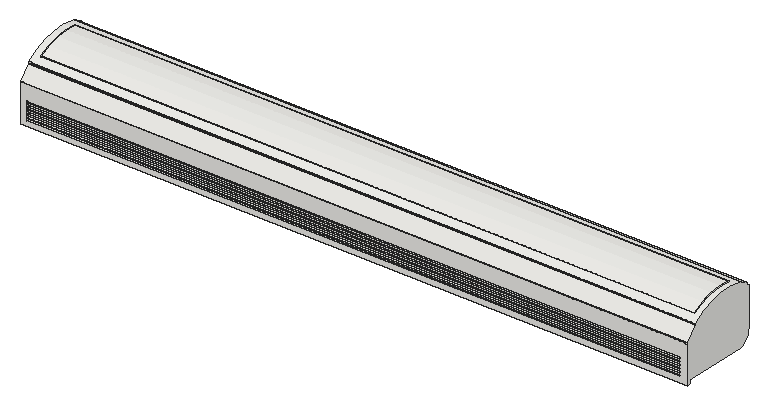
Revit family "FLOWAIR ELiS C-E-200-bílá", category Electrical Fixtures, host Face, Revit 2018
Family settings
  Host = Face
  Maintain Annotation Orientation = No
  Round Connector Dimension = Use Diameter
  Part Type = Normal
  Cut with Voids When Loaded = No
  Shared = No
  Room Calculation Point = No
Parameters (values of type "ELiS C-E-200, 3x400V, 3 rychlost")
  Weight of unit = 25.10 kg
  URL = "www.hydronic.cz"
  Type Comments = "vnitřní instalace, neprašné prostředí; IP21; max dosah 3m na 3 rychlost"
  Second Material = FLOWAIR-PerforatedSteel-White
  Rated current = 18.7 A
  Product code = "14292; bílá, délka 200cm, elektrická"
  Power supply = 400 V
  Power ratio = 1
  Number of phases = 3
  Manufacturer = "Hydronic Systems Prague s.r.o."
  Main Material = FLOWAIR-Steel-White
  Load classification = Other
  Length = 2000.00 mm  # constant formula
  Heating capacity = 13 kW
  Fan = "Single phase motor with diagonal rotor"
  Description = "Dveřní clona"
  Model = "ELiS C-E-200"
  IP = "21"
  Default Elevation = 2200.00 mm
  Author = ""
  Apparent power = if(Power supply = 400 V, 230 V * 3 * Rated current, 230 V * Rated current)  # 12903 VA
Types (6, lengths in mm): name | Rated current | Power supply | Number of phases | Heating capacity | Apparent power
  ELiS C-E-200, 3x400V, 1 rychlost | 18.1 A | 400 V | 3 | 12.5 kW | 12489 VA
  ELiS C-E-200, 3x400V, 2 rychlost | 18.5 A | 400 V | 3 | 12.8 kW | 12765 VA
  ELiS C-E-200, 3x400V, 3 rychlost | 18.7 A | 400 V | 3 | 13 kW | 12903 VA
  ELiS C-E-200, 1x230V, 1 rychlost | 54.3 A | 230 V | 1 | 12.5 kW | 12489 VA
  ELiS C-E-200, 1x230V, 2 rychlost | 55.5 A | 230 V | 1 | 12.8 kW | 12765 VA
  ELiS C-E-200, 1x230V, 3 rychlost | 56.1 A | 230 V | 1 | 13 kW | 12903 VA
Reference planes
  plane 1 "Środek (Przód/Tył)": y = 0
  plane 2: z = 0
  plane 3 "Środek (Lewa/Prawa)": x = 0
Dimensions and locks
  aligned and locked: plane 2 to host face
  aligned and locked: level to host face
  aligned and locked: plane 3 "Środek (Lewa/Prawa)" to nested 1
  aligned and locked: plane 1 "Środek (Przód/Tył)" to nested 1
Nested families
  nested 1: "ELiS C-E" at (0, 0, 0), type "ELiS C-E"
    with długość 2000.00 mm
Connectors
  electrical at (0, 235.182, 54.049), driven by "Power supply", driven by "Apparent power", driven by "Power ratio", driven by "Load classification", driven by "Number of phases"
    settings: on nested 1, index 9, voltage 400 V, apparent load 12903 VA, apparent load phase1 0 VA, apparent load phase2 0 VA, apparent load phase3 0 VA, power factor 1, load classification "Other", number of poles 3, system type 30, power factor state 1, is connector primary yes, connector utility no, sub classification motor no, connector description ""
  electrical at (-59, 235.182, 85.024)
    settings: on nested 1, index 10, voltage 0 V, apparent load 0 VA, apparent load phase1 0 VA, apparent load phase2 0 VA, apparent load phase3 0 VA, power factor 1, load classification "Other", number of poles 1, system type 13, power factor state 1, is connector primary no, connector utility no, sub classification motor no, connector description "TS regulator"
  electrical at (59, 235.182, 85.024)
    settings: on nested 1, index 11, voltage 0 V, apparent load 0 VA, apparent load phase1 0 VA, apparent load phase2 0 VA, apparent load phase3 0 VA, power factor 1, load classification "Other", number of poles 1, system type 13, power factor state 1, is connector primary no, connector utility no, sub classification motor no, connector description "Limit switches"
Definition of nested family "ELiS C-E"
  Parameters
    materiał perforacja = none
    materiał = none
    długość = 1000.00 mm
  Reference planes
    plane 1 "Środek (Przód/Tył)": y = 0
    plane 2: z = 0
    plane 3 "Środek (Lewa/Prawa)": x = 0
    plane 4: x = -500
    plane 5: x = 500
    plane 6: x = -480
    plane 7: x = 480
    plane 8: x = 250
    plane 9: x = -250
  Forms (mm)
    Extrusion 1, solid, material <- "materiał", detail levels medium
      sketch origin (0, 300, 0) x (0, 1, 0) y (0, 0, 1)
        loop
          line (-72.756, 170.564) -> (-81.693, 181.358)
          arc (-81.693, 181.358) -> (-82.051, 181.684) -> (-82.482, 181.903) r 1.8
          line (-82.482, 181.903) -> (-98.157, 187.357)
          arc (-98.157, 187.357) -> (-98.505, 187.566) -> (-98.742, 187.895) r 1
          line (-98.742, 187.895) -> (-99.846, 190.375)
          arc (-99.846, 190.375) -> (-100.355, 191.039) -> (-101.109, 191.402) r 1.8
          arc (-101.109, 191.402) -> (-188.803, 190.806) -> (-267.88, 152.892) r 200.8
          arc (-267.88, 152.892) -> (-268.406, 152.22) -> (-268.563, 151.381) r 1.8
          line (-268.563, 151.381) -> (-268.42, 148.651)
          arc (-268.42, 148.651) -> (-268.477, 148.263) -> (-268.678, 147.927) r 1
          line (-268.678, 147.927) -> (-299.538, 113.654)
          arc (-299.538, 113.654) -> (-299.88, 113.094) -> (-300, 112.449) r 1.8
          line (-300, 112.449) -> (-300, 0) -> (-292.2, 0) -> (-292.2, 13.085) -> (-113.282, 13.085)
          arc (-113.282, 13.085) -> (-84.316, 25.083) -> (-72.318, 54.049) r 40.964
          line (-72.318, 54.049) -> (-72.318, 169.336)
          arc (-72.318, 169.336) -> (-72.431, 169.988) -> (-72.756, 170.564) r 1.943
      from -500 to 500
    Extrusion 2, solid, material <- "materiał", detail levels coarse
      sketch origin (0, 0, 0) x (0, 1, 0) y (0, 0, 1)
        loop
          arc (227.682, 182.867) -> (103.817, 188.954) -> (0, 121.12) r 200.8
          line (0, 121.12) -> (0, 0) -> (227.682, 0) -> (227.682, 182.867)
      from -500 to 500
    Extrusion 3, solid, material <- "materiał", detail levels fine
      sketch origin (0, 0, 0) x (0, 1, 0) y (0, 0, 1)
        loop
          line (227.244, 170.564) -> (218.307, 181.358)
          arc (218.307, 181.358) -> (217.949, 181.684) -> (217.518, 181.903) r 1.8
          line (217.518, 181.903) -> (201.843, 187.357)
          arc (201.843, 187.357) -> (201.495, 187.566) -> (201.258, 187.895) r 1
          line (201.258, 187.895) -> (200.154, 190.375)
          arc (200.154, 190.375) -> (199.645, 191.039) -> (198.891, 191.402) r 1.8
          arc (198.891, 191.402) -> (111.197, 190.806) -> (32.12, 152.892) r 200.8
          arc (32.12, 152.892) -> (31.594, 152.22) -> (31.437, 151.381) r 1.8
          line (31.437, 151.381) -> (31.58, 148.651)
          arc (31.58, 148.651) -> (31.523, 148.263) -> (31.322, 147.927) r 1
          line (31.322, 147.927) -> (0.462, 113.654)
          arc (0.462, 113.654) -> (0.12, 113.094) -> (0, 112.449) r 1.8
          line (0, 112.449) -> (0, 0) -> (7.8, 0) -> (7.8, 13.085) -> (186.718, 13.085)
          arc (186.718, 13.085) -> (215.684, 25.083) -> (227.682, 54.049) r 40.964
          line (227.682, 54.049) -> (227.682, 169.336)
          arc (227.682, 169.336) -> (227.569, 169.988) -> (227.244, 170.564) r 1.943
      from -500 to 500
    Extrusion 4, void
      sketch origin (0, 0, 0) x (0, 1, 0) y (0, 0, 1)
        loop
          line (52, 224.939) -> (52, 114.939) -> (180, 114.939) -> (180, 224.939) -> (52, 224.939)
      from -480 to 480
    Extrusion 5, solid, material <- "materiał perforacja", detail levels fine
      sketch origin (0, 0, 0) x (0, 1, 0) y (0, 0, 1)
        loop
          arc (180, 194.56) -> (113.664, 191.359) -> (52, 166.696) r 200.8
          line (52, 166.696) -> (52, 164.35)
          arc (52, 164.35) -> (113.61, 189.3) -> (180, 192.546) r 198.8
          line (180, 192.546) -> (180, 194.56)
      from -480 to 480
    Extrusion 6, void
      sketch origin (0, 0, 0) x (0, 1, 0) y (0, 0, 1)
        loop
          line (0, 15.085) -> (25, 15.085) -> (25, 70.085) -> (0, 70.085) -> (0, 62.585) -> (15, 62.585) -> (15, 60.585) -> (0, 60.585) -> (0, 53.085) -> (15, 53.085) -> (15, 51.085) -> (0, 51.085) -> (0, 43.585) -> (15, 43.585) -> (15, 41.585) -> (0, 41.585) -> (0, 34.085) -> (15, 34.085) -> (15, 32.085) -> (0, 32.085) -> (0, 24.585) -> (15, 24.585) -> (15, 22.585) -> (0, 22.585) -> (0, 15.085)
      from -480 to 480
    Extrusion 7, solid, material <- "materiał"
      sketch origin (0, 0, 0) x (0, 1, 0) y (0, 0, 1)
        loop
          line (10, 0) -> (172, 0) -> (172, 13.085) -> (10, 13.085) -> (10, 0)
      from -250 to 250
    Extrusion 8, solid, material <- "materiał"
      sketch origin (0, 0, 0) x (0, 1, 0) y (0, 0, 1)
        loop
          line (227.682, 54.049) -> (242.682, 54.049) -> (242.682, 116) -> (227.682, 116) -> (227.682, 54.049)
      from -59 to 59
  Cuts and joins
    Extrusion 4, Extrusion 6 cuts Extrusion 3
  Dimensions and locks
    equal spacing: plane 4, plane 3 "Środek (Lewa/Prawa)", plane 5
    "długość": plane 4 to plane 5
    locked: plane 4 to plane 6 at 20
    locked: plane 7 to plane 5 at 20
    equal spacing: plane 4, plane 9, plane 3 "Środek (Lewa/Prawa)"
    equal spacing: plane 3 "Środek (Lewa/Prawa)", plane 8, plane 5
    aligned and locked: level to plane 2
    aligned and locked: Extrusion 2 to plane 4
    aligned and locked: Extrusion 1 to plane 4
    aligned and locked: Extrusion 2 to plane 5
    aligned and locked: Extrusion 1 to plane 5
    aligned and locked: Extrusion 3 to plane 4
    aligned and locked: Extrusion 3 to plane 5
    aligned and locked: Extrusion 4 to plane 6
    aligned and locked: Extrusion 4 to plane 7
    aligned and locked: Extrusion 5 to plane 6
    aligned and locked: Extrusion 5 to plane 7
    aligned and locked: Extrusion 6 to plane 7
    aligned and locked: Extrusion 6 to plane 6
    aligned and locked: plane 8 to Extrusion 7
    aligned and locked: plane 9 to Extrusion 7
  Automatic sketch dimensions
    Extrusion 1 sketch curve to level = 0.00 mm
    Extrusion 1 sketch curve to plane 1 "Środek (Przód/Tył)" = 0.00 mm
    Extrusion 1 sketch curve to Extrusion 1 sketch curve = 1.80 mm
    Extrusion 1 sketch curve to plane 1 "Środek (Przód/Tył)" = 7.80 mm
    Extrusion 1 sketch curve to plane 1 "Środek (Przód/Tył)" = 30.581 mm
    Extrusion 1 sketch curve to Extrusion 1 sketch curve = 0.742 mm
    Extrusion 1 sketch curve to Extrusion 1 sketch curve = 0.856 mm
    Extrusion 1 sketch curve to Extrusion 1 sketch curve = 1.797 mm
    Extrusion 1 sketch curve to plane 1 "Środek (Przód/Tył)" = 156.375 mm
    Extrusion 1 sketch curve to Extrusion 1 sketch curve = 30.343 mm
    Extrusion 1 sketch curve to Extrusion 1 sketch curve = 165.276 mm
    Extrusion 1 sketch curve to Extrusion 1 sketch curve = 3.662 mm
    Extrusion 1 sketch curve to Extrusion 1 sketch curve = 14.754 mm
    Extrusion 1 sketch curve to Extrusion 1 sketch curve = 1.38 mm
    Extrusion 1 sketch curve to Extrusion 1 sketch curve = 8.812 mm
    Extrusion 1 sketch curve to Extrusion 1 sketch curve = 1.505 mm
    Extrusion 1 sketch curve to Extrusion 1 sketch curve = 40.964 mm
    Extrusion 1 sketch curve to Extrusion 1 sketch curve = 13.085 mm
    Extrusion 1 sketch curve to Extrusion 1 sketch curve = 58.894 mm
    Extrusion 1 sketch curve to Extrusion 1 sketch curve = 117.295 mm
    Extrusion 1 sketch curve to Extrusion 1 sketch curve = 35.478 mm
    Extrusion 1 sketch curve to Extrusion 1 sketch curve = 0.671 mm
    Extrusion 1 sketch curve to Extrusion 1 sketch curve = 2.783 mm
    Extrusion 1 sketch curve to Extrusion 1 sketch curve = 0.097 mm
    Extrusion 1 sketch curve to Extrusion 1 sketch curve = 174.181 mm
    Extrusion 1 sketch curve to Extrusion 1 sketch curve = 10.867 mm
    Extrusion 1 sketch curve to Extrusion 1 sketch curve = 1.155 mm
    Extrusion 1 sketch curve to Extrusion 1 sketch curve = 8.099 mm
    Extrusion 1 sketch curve to Extrusion 1 sketch curve = 1.341 mm
    Extrusion 1 sketch curve to plane 1 "Środek (Przód/Tył)" = 0.462 mm
    Extrusion 1 sketch curve to Extrusion 1 sketch curve = 0.00 mm  (x14)
    Extrusion 1 sketch curve to Extrusion 1 sketch curve = 0.257 mm
    Extrusion 1 sketch curve to Extrusion 1 sketch curve = 1.263 mm
    Extrusion 1 sketch curve to Extrusion 1 sketch curve = 0.914 mm
    Extrusion 1 sketch curve to Extrusion 1 sketch curve = 0.585 mm
    Extrusion 1 sketch curve to Extrusion 1 sketch curve = 0.789 mm
    Extrusion 1 sketch curve to Extrusion 1 sketch curve = 0.944 mm
    Extrusion 2 sketch curve to level = 0.00 mm
    Extrusion 2 sketch curve to Extrusion 2 sketch curve = 71.306 mm
    Extrusion 2 sketch curve to Extrusion 2 sketch curve = 4.846 mm
    Extrusion 2 sketch curve to plane 1 "Środek (Przód/Tył)" = 0.00 mm
    Extrusion 2 sketch curve to Extrusion 2 sketch curve = 125.966 mm
    Extrusion 2 sketch curve to plane 1 "Środek (Przód/Tył)" = 156.375 mm
    plane 1 "Środek (Przód/Tył)" to Extrusion 3 sketch curve = 0.00 mm
    Extrusion 3 sketch curve to Extrusion 3 sketch curve = 1.80 mm
    Extrusion 3 sketch curve to Extrusion 3 sketch curve = 7.80 mm
    Extrusion 3 sketch curve to Extrusion 3 sketch curve = 28.781 mm
    Extrusion 3 sketch curve to Extrusion 3 sketch curve = 0.742 mm
    Extrusion 3 sketch curve to Extrusion 3 sketch curve = 0.856 mm
    Extrusion 3 sketch curve to Extrusion 3 sketch curve = 1.797 mm
    Extrusion 3 sketch curve to Extrusion 3 sketch curve = 148.575 mm
    Extrusion 3 sketch curve to Extrusion 3 sketch curve = 30.343 mm
    Extrusion 3 sketch curve to Extrusion 3 sketch curve = 165.276 mm
    Extrusion 3 sketch curve to Extrusion 3 sketch curve = 3.662 mm
    Extrusion 3 sketch curve to Extrusion 3 sketch curve = 14.754 mm
    Extrusion 3 sketch curve to Extrusion 3 sketch curve = 1.38 mm
    Extrusion 3 sketch curve to Extrusion 3 sketch curve = 8.812 mm
    Extrusion 3 sketch curve to Extrusion 3 sketch curve = 1.505 mm
    Extrusion 3 sketch curve to Extrusion 3 sketch curve = 40.964 mm
    level to Extrusion 3 sketch curve = 0.00 mm
    Extrusion 3 sketch curve to Extrusion 3 sketch curve = 13.085 mm
    Extrusion 3 sketch curve to Extrusion 3 sketch curve = 58.894 mm
    Extrusion 3 sketch curve to Extrusion 3 sketch curve = 117.295 mm
    Extrusion 3 sketch curve to Extrusion 3 sketch curve = 35.478 mm
    Extrusion 3 sketch curve to Extrusion 3 sketch curve = 0.671 mm
    Extrusion 3 sketch curve to Extrusion 3 sketch curve = 2.783 mm
    Extrusion 3 sketch curve to Extrusion 3 sketch curve = 0.097 mm
    Extrusion 3 sketch curve to Extrusion 3 sketch curve = 174.181 mm
    Extrusion 3 sketch curve to Extrusion 3 sketch curve = 10.867 mm
    Extrusion 3 sketch curve to Extrusion 3 sketch curve = 1.155 mm
    Extrusion 3 sketch curve to Extrusion 3 sketch curve = 8.099 mm
    Extrusion 3 sketch curve to Extrusion 3 sketch curve = 1.341 mm
    Extrusion 3 sketch curve to Extrusion 3 sketch curve = 0.462 mm
    Extrusion 3 sketch curve to Extrusion 3 sketch curve = 0.00 mm  (x14)
    Extrusion 3 sketch curve to Extrusion 3 sketch curve = 0.257 mm
    Extrusion 3 sketch curve to Extrusion 3 sketch curve = 1.263 mm
    Extrusion 3 sketch curve to Extrusion 3 sketch curve = 0.914 mm
    Extrusion 3 sketch curve to Extrusion 3 sketch curve = 0.585 mm
    Extrusion 3 sketch curve to Extrusion 3 sketch curve = 0.789 mm
    Extrusion 3 sketch curve to Extrusion 3 sketch curve = 0.944 mm
    Extrusion 4 sketch curve to Extrusion 4 sketch curve = 128.00 mm
    level to Extrusion 4 sketch curve = 114.939 mm
    Extrusion 4 sketch curve to Extrusion 4 sketch curve = 110.00 mm
    Extrusion 4 sketch curve to plane 1 "Środek (Przód/Tył)" = 52.00 mm
    Extrusion 5 sketch curve to plane 1 "Środek (Przód/Tył)" = 156.375 mm
    Extrusion 5 sketch curve to level = 4.846 mm
    Extrusion 5 sketch curve to plane 1 "Środek (Przód/Tył)" = 52.00 mm
    Extrusion 5 sketch curve to Extrusion 5 sketch curve = 23.625 mm
    Extrusion 5 sketch curve to Extrusion 5 sketch curve = 25.85 mm
    Extrusion 5 sketch curve to Extrusion 5 sketch curve = 2.346 mm
    Extrusion 5 sketch curve to Extrusion 5 sketch curve = 0.00 mm  (x2)
    Extrusion 7 sketch curve to level = 0.00 mm
    Extrusion 7 sketch curve to plane 1 "Środek (Przód/Tył)" = 10.00 mm
    Extrusion 7 sketch curve to Extrusion 7 sketch curve = 162.00 mm
    level to Extrusion 7 sketch curve = 13.085 mm
    Extrusion 8 sketch curve to plane 1 "Środek (Przód/Tył)" = 227.682 mm
    level to Extrusion 8 sketch curve = 116.00 mm
    level to Extrusion 8 sketch curve = 54.049 mm
    Extrusion 8 sketch curve to Extrusion 8 sketch curve = 15.00 mm
    Extrusion 6 sketch curve to plane 1 "Środek (Przód/Tył)" = 0.00 mm  (x6)
    Extrusion 6 sketch curve to Extrusion 6 sketch curve = 15.00 mm
    Extrusion 6 sketch curve to Extrusion 6 sketch curve = 0.00 mm  (x4)
    Extrusion 6 sketch curve to Extrusion 6 sketch curve = 10.00 mm
    level to Extrusion 6 sketch curve = 15.085 mm
    Extrusion 6 sketch curve to Extrusion 6 sketch curve = 7.50 mm  (x6)
    Extrusion 6 sketch curve to Extrusion 6 sketch curve = 2.00 mm  (x5)
